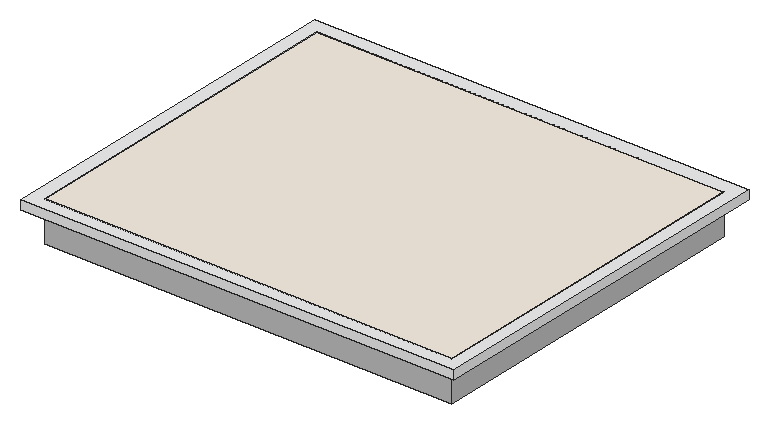
Revit family "Lighting-Industriale-GEWISS-ELIA-HL-LED_RIFLETTORE", category Apparecchi per illuminazione, host Superficie, Revit 2019 (continued)
Types (12, lengths in mm): name | Tensione | Scheda Tecnica | Potenza di sistema | Peso (kg): | Peso (kg) | Ottica | built-in parameter 1150142 | Lumen output (lm) | Modello | IDT | File diagramma fotometrico | Description
    405.80 4244.80 4088.00 3935.40 3782.80 3633.00 3487.40 \r\n3344.60 3204.60 3067.40 2934.40 2804.20 2676.24 2550.66 \r\n2429.42 2311.82 2198.14 2086.56 1974.70 1865.78 1763.02 \r\n1663.62 1564.92 1469.16 1378.30 1292.20 1211.00 1134.28 \r\n1061.62 993.02 927.78 865.90 807.52 752.36 700.42 650.72 \r\n602.14 555.10 510.16 466.76 424.62 384.72 348.46 314.02 \r\n280.17 248.14 219.58 193.05 167.38 143.43 121.87 102.05 \r\n83.24 66.28 51.70 39.35 29.28 21.38 15.68 11.84 9.49 8.77 \r\n8142.40 8142.40 8142.40 8145.20 8145.20 8148.00 8149.40 \r\n8152.20 8155.00 8159.20 8163.40 8167.60 8173.20 8180.20 \r\n8185.80 8192.80 8199.80 8208.20 8216.60 8225.00 8234.80 \r\n8243.20 8251.60 8260.00 8269.80 8278.20 8286.60 8295.00 \r\n8303.40 8311.80 8318.80 8327.20 8335.60 8344.00 8352.40 \r\n8362.20 8370.60 8380.40 8390.20 8400.00 8411.20 8421.00 \r\n8432.20 8444.80 8457.40 8468.60 8482.60 8496.60 8510.60 \r\n8524.60 8538.60 8552.60 8566.60 8577.80 8589.00 8601.60 \r\n8612.80 8621.20 8629.60 8638.00 8646.40 8652.00 8656.20 \r\n8661.80 8664.60 8666.00 8667.40 8667.40 8666.00 8663.20 \r\n8660.40 8654.80 8646.40 8636.60 8626.80 8615.60 8601.60 \r\n8586.20 8569.40 8549.80 8528.80 8506.40 8482.60 8457.40 \r\n8429.40 8398.60 8367.80 8334.20 8300.60 8264.20 8223.60 \r\n8181.60 8135.40 8078.00 8013.60 7938.00 7854.00 7758.80 \r\n7655.20 7541.80 7424.20 7308.00 7189.00 7067.20 6937.00 \r\n6794.20 6641.60 6483.40 6316.80 6144.60 5966.80 5783.40 \r\n5597.20 5416.60 5240.20 5068.00 4900.00 4733.40 4569.60 \r\n4407.20 4246.20 4089.40 3936.80 3782.80 3634.40 3488.80 \r\n3346.00 3204.60 3067.40 2934.40 2807.00 2677.22 2550.52 \r\n2427.46 2308.32 2193.80 2082.22 1970.64 1862.00 1759.52 \r\n1660.12 1561.56 1465.80 1375.08 1288.70 1207.78 1131.34 \r\n1058.96 990.36 925.40 863.80 805.70 750.68 698.74 649.04 \r\n600.74 553.98 509.18 465.92 423.64 383.60 347.62 313.46 \r\n279.38 247.21 218.61 192.11 166.57 142.79 121.34 101.61 \r\n82.92 66.05 51.58 39.30 29.29 21.41 15.67 11.79 9.45 8.76 \r\n8142.40 8142.40 8142.40 8145.20 8145.20 8148.00 8149.40 \r\n8152.20 8155.00 8159.20 8163.40 8167.60 8173.20 8178.80 \r\n8187.20 8192.80 8201.20 8208.20 8216.60 8226.40 8234.80 \r\n8243.20 8251.60 8260.00 8269.80 8278.20 8286.60 8295.00 \r\n8303.40 8311.80 8320.20 8327.20 8335.60 8344.00 8352.40 \r\n8360.80 8370.60 8379.00 8390.20 8400.00 8411.20 8421.00 \r\n8432.20 8444.80 8456.00 8470.00 8481.20 8496.60 8510.60 \r\n8524.60 8540.00 8554.00 8566.60 8579.20 8590.40 8603.00 \r\n8612.80 8622.60 8631.00 8638.00 8646.40 8652.00 8656.20 \r\n8661.80 8664.60 8666.00 8668.80 8667.40 8666.00 8663.20 \r\n8659.00 8653.40 8646.40 8636.60 8625.40 8614.20 8600.20 \r\n8584.80 8568.00 8548.40 8528.80 8505.00 8482.60 8454.60 \r\n8426.60 8398.60 8367.80 8334.20 8299.20 8264.20 8225.00 \r\n8183.00 8135.40 8078.00 8013.60 7939.40 7858.20 7761.60 \r\n7658.00 7541.80 7424.20 7306.60 7189.00 7067.20 6937.00 \r\n6794.20 6640.20 6482.00 6315.40 6146.00 5969.60 5784.80 \r\n5600.00 5418.00 5241.60 5068.00 4900.00 4734.80 4571.00 \r\n4407.20 4246.20 4090.80 3936.80 3785.60 3635.80 3490.20 \r\n3347.40 3204.60 3066.00 2935.80 2807.00 2678.06 2550.24 \r\n2425.50 2304.68 2189.60 2078.02 1966.58 1858.50 1756.02 \r\n1656.76 1558.34 1462.86 1371.86 1285.62 1204.84 1128.68 \r\n1056.44 987.98 923.02 861.70 803.88 749.14 697.34 647.50 \r\n599.34 552.86 508.20 465.08 422.66 382.76 346.78 312.90 \r\n278.68 246.34 217.67 191.20 165.79 142.17 120.83 101.21 \r\n82.63 65.83 51.44 39.23 29.29 21.44 15.66 11.74 9.40 8.74 \r\n8142.40 8142.40 8142.40 8145.20 8145.20 8148.00 8149.40 \r\n8152.20 8155.00 8159.20 8162.00 8167.60 8173.20 8178.80 \r\n8187.20 8192.80 8201.20 8209.60 8218.00 8226.40 8234.80 \r\n8243.20 8251.60 8261.40 8271.20 8279.60 8288.00 8296.40 \r\n8303.40 8311.80 8320.20 8327.20 8335.60 8344.00 8352.40 \r\n8360.80 8370.60 8379.00 8390.20 8400.00 8409.80 8421.00 \r\n8432.20 8443.40 8456.00 8468.60 8482.60 8496.60 8510.60 \r\n8526.00 8540.00 8554.00 8568.00 8579.20 8591.80 8603.00 \r\n8614.20 8622.60 8631.00 8639.40 8645.00 8653.40 8657.60 \r\n8661.80 8664.60 8666.00 8668.80 8667.40 8666.00 8663.20 \r\n8657.60 8652.00 8646.40 8636.60 8625.40 8611.40 8598.80 \r\n8583.40 8566.60 8548.40 8527.40 8505.00 8481.20 8454.60 \r\n8426.60 8397.20 8365.00 8332.80 8299.20 8262.80 8225.00 \r\n8184.40 8136.80 8079.40 8013.60 7940.80 7859.60 7763.00 \r\n7658.00 7543.20 7424.20 7308.00 7189.00 7065.80 6935.60 \r\n6791.40 6640.20 6479.20 6315.40 6146.00 5969.60 5787.60 \r\n5601.40 5419.40 5240.20 5069.40 4901.40 4734.80 4571.00 \r\n4407.20 4247.60 4092.20 3938.20 3787.00 3635.80 3490.20 \r\n3347.40 3204.60 3066.00 2937.20 2808.40 2678.62 2549.96 \r\n2423.68 2301.46 2185.96 2073.96 1963.08 1855.42 1752.94 \r\n1653.82 1555.54 1460.20 1369.06 1282.68 1202.18 1126.30 \r\n1054.20 985.88 921.06 859.88 802.34 747.74 695.80 646.24 \r\n598.08 551.88 507.36 464.38 421.96 381.78 346.08 312.34 \r\n278.05 245.55 216.83 190.37 165.09 141.61 120.37 100.84 \r\n82.35 65.65 51.32 39.17 29.27 21.46 15.65 11.69 9.36 8.73 \r\n8142.40 8142.40 8142.40 8145.20 8145.20 8148.00 8148.00 \r\n8150.80 8155.00 8159.20 8162.00 8167.60 8173.20 8178.80 \r\n8187.20 8192.80 8201.20 8209.60 8218.00 8226.40 8234.80 \r\n8243.20 8251.60 8262.80 8271.20 8279.60 8288.00 8296.40 \r\n8304.80 8311.80 8318.80 8327.20 8335.60 8344.00 8352.40 \r\n8360.80 8369.20 8380.40 8390.20 8400.00 8409.80 8421.00 \r\n8432.20 8443.40 8456.00 8468.60 8482.60 8496.60 8512.00 \r\n8526.00 8540.00 8554.00 8568.00 8579.20 8591.80 8603.00 \r\n8614.20 8622.60 8631.00 8639.40 8646.40 8652.00 8657.60 \r\n8661.80 8666.00 8666.00 8668.80 8667.40 8666.00 8663.20 \r\n8657.60 8652.00 8645.00 8635.20 8624.00 8611.40 8597.40 \r\n8583.40 8566.60 8547.00 8526.00 8505.00 8481.20 8454.60 \r\n8426.60 8395.80 8365.00 8332.80 8297.80 8262.80 8226.40 \r\n8184.40 8136.80 8079.40 8015.00 7942.20 7861.00 7764.40 \r\n7660.80 7544.60 7425.60 7308.00 7187.60 7065.80 6934.20 \r\n6790.00 6637.40 6477.80 6314.00 6146.00 5972.40 5787.60 \r\n5602.80 5419.40 5240.20 5069.40 4901.40 4736.20 4571.00 \r\n4408.60 4249.00 4092.20 3939.60 3788.40 3637.20 3491.60 \r\n3348.80 3206.00 3066.00 2937.20 2809.80 2679.18 2549.82 \r\n2422.14 2298.52 2182.60 2070.74 1960.00 1852.62 1750.42 \r\n1651.30 1553.16 1457.82 1366.68 1280.30 1199.94 1124.20 \r\n1052.10 983.92 919.38 858.34 800.94 746.48 694.68 644.98 \r\n597.10 550.90 506.66 463.82 421.26 381.08 345.52 311.92 \r\n277.51 244.87 216.12 189.67 164.50 141.13 119.98 100.52 \r\n82.11 65.49 51.20 39.10 29.26 21.48 15.64 11.64 9.32 8.71 \r\n8142.40 8142.40 8142.40 8145.20 8145.20 8148.00 8148.00 \r\n8150.80 8156.40 8159.20 8162.00 8167.60 8173.20 8178.80 \r\n8187.20 8192.80 8201.20 8209.60 8218.00 8226.40 8234.80 \r\n8243.20 8251.60 8262.80 8271.20 8279.60 8288.00 8296.40 \r\n8304.80 8313.20 8318.80 8327.20 8335.60 8344.00 8352.40 \r\n8360.80 8369.20 8380.40 8388.80 8400.00 8411.20 8419.60 \r\n8430.80 8444.80 8456.00 8470.00 8484.00 8498.00 8512.00 \r\n8526.00 8540.00 8554.00 8568.00 8579.20 8593.20 8604.40 \r\n8612.80 8624.00 8632.40 8638.00 8646.40 8652.00 8657.60 \r\n8663.20 8666.00 8666.00 8668.80 8666.00 8666.00 8663.20 \r\n8657.60 8652.00 8643.60 8635.20 8624.00 8610.00 8596.00 \r\n8582.00 8565.20 8545.60 8526.00 8503.60 8481.20 8453.20 \r\n8425.20 8394.40 8363.60 8330.00 8296.40 8262.80 8226.40 \r\n8184.40 8136.80 8080.80 8016.40 7943.60 7859.60 7767.20 \r\n7660.80 7546.00 7425.60 7308.00 7187.60 7064.40 6935.60 \r\n6790.00 6636.00 6476.40 6314.00 6146.00 5972.40 5790.40 \r\n5602.80 5420.80 5241.60 5070.80 4902.80 4734.80 4572.40 \r\n4410.00 4247.60 4093.60 3939.60 3788.40 3640.00 3491.60 \r\n3348.80 3206.00 3066.00 2937.20 2811.20 2679.60 2549.40 \r\n2420.88 2296.28 2179.80 2068.08 1957.48 1850.52 1748.60 \r\n1649.48 1551.20 1456.28 1365.00 1278.48 1198.12 1122.80 \r\n1050.56 982.52 918.12 857.08 799.96 745.64 693.84 644.00 \r\n596.40 550.20 506.24 463.40 420.84 380.52 344.96 311.64 \r\n277.09 244.36 215.54 189.11 164.02 140.76 119.67 100.27 \r\n81.93 65.35 51.13 39.06 29.23 21.48 15.63 11.61 9.28 8.71 \r\n" | "28000" | "GWF1000QM840" | "b31c86a2-4661-42eb-b880-df7f798bd210" | "GWF1000QM840.IES" | "ELIA HL L2 120° 4000K S.ALONE ON/OFF"
